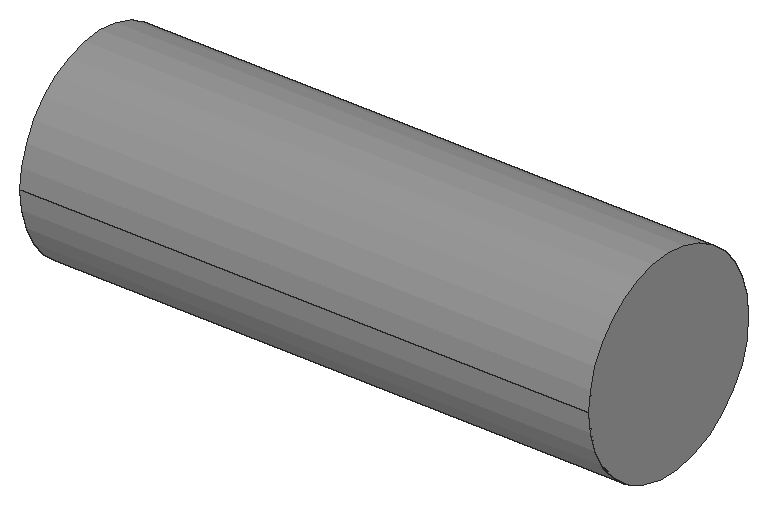
Revit family "Acoplador de transição", category Acopladores do vergalhão estrutural, Revit 2019
Family settings
  Com base no plano de trabalho = Não
  Sempre na vertical = Não
  Corte com vazios quando carregada = Não
  Compartilhado = Não
Parameters (values of type "CPL25-22")
  Diâmetro externo = 35 mm
  Largura do símbolo = 49 mm
  Comprimento do símbolo = 140 mm
  Material = Aço
  Comprimento total = 100 mm
  Tratamento de extremidade 2 = Rosqueado
  Tratamento da extremidade 1 = Rosqueado
  Tamanho da barra 2 = 22 CA-25
  Tamanho da barra 1 = 25 CA-25
  Engate da barra 2 = 37 mm
  Engate da barra 1 = 40 mm
Types (6, lengths in mm): name | Diâmetro externo | Largura do símbolo | Comprimento do símbolo | Comprimento total | Tamanho da barra 2 | Tamanho da barra 1 | Engate da barra 2 | Engate da barra 1
  CPL40-32 | 55 | 66 | 151.2 | 126 | 32 CA-25 | 40 CA-25 | 45 | 57
  CPL32-25 | 45 | 58.5 | 141.7 | 109 | 25 CA-25 | 32 CA-25 | 40 | 45
  CPL25-22 | 35 | 49 | 140 | 100 | 22 CA-25 | 25 CA-25 | 37 | 40
  CPL25-20 | 35 | 49 | 137.2 | 98 | 20 CA-25 | 25 CA-25 | 35 | 40
  CPL22-20 | 30 | 42 | 133 | 95 | 20 CA-25 | 22 CA-25 | 35 | 37
  CPL20-16 | 27 | 37.8 | 112 | 80 | 16 CA-25 | 20 CA-25 | 24 | 35
Reference planes
  plane 1: y = 0
  plane 2: z = 0
  plane 3: x = 0
  plane 4: y = 24.5
  plane 5: y = -24.5
  plane 6: x = -50
  plane 7: x = 50
  plane 8: x = -70
  plane 9: x = 70
Forms (mm)
  Extrusion 1, solid, material "Aço" <- "Material"
    sketch origin (-50, 75, 1200) x (0, 1, 0) y (0, 0, 1)
      loop
        circle (-75, -1200) r 17.5
    from 0 to 100
Lines and regions (mm)
  symbolic lines
    curve 1: line (-70, 24.5, 0) -> (70, 24.5, 0)
    curve 2: line (-70, -24.5, 0) -> (-70, 24.5, 0)
    curve 3: line (70, -24.5, 0) -> (-70, -24.5, 0)
    curve 4: line (70, 24.5, 0) -> (70, -24.5, 0)
  reference lines
    curve 5: circle (-50, 0, 0) r 17.5 normal (1, 0, 0)
Text (mm)
  text "Barra 1" at (-290.494, 8.209, 0), in view "Base"
  text "Barra 2" at (258.76, 8.209, 0), in view "Base"
Dimensions and locks
  "Comprimento do símbolo": plane 8 to plane 9
  equal spacing: plane 8, plane 3, plane 9
  "Comprimento total": plane 6 to plane 7
  equal spacing: plane 6, plane 3, plane 7
  "Largura do símbolo": plane 4 to plane 5
  equal spacing: plane 4, plane 1, plane 5
  "Diâmetro externo": diameter of curve 5
  aligned and locked: curve 1 to plane 4
  aligned and locked: plane 8 to curve 2
  aligned and locked: plane 5 to curve 3
  aligned and locked: curve 4 to plane 9
  aligned and locked: Extrusion 1 sketch curve to curve 5
  aligned and locked: plane 7 to Extrusion 1
Automatic sketch dimensions
  curve 5 to level = 0 mm
  curve 5 to plane 1 = 0 mm
